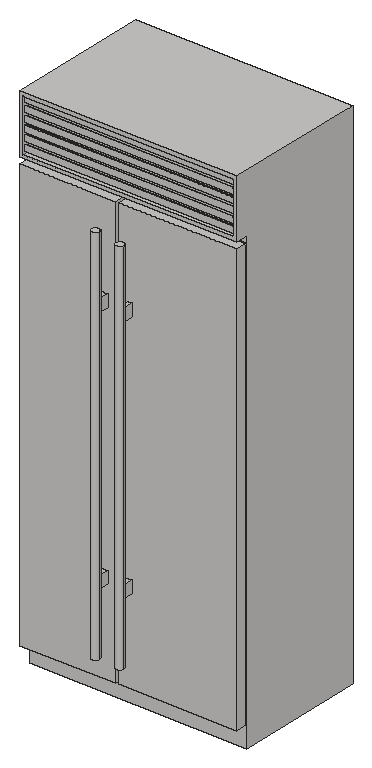
Revit family "M_Refrigerador-duas portas", category Equipamento especial, Revit 2019
Family settings
  Cota do conector redondo = Utilizar diâmetro
  Tipo de parte = Normal
  Número OmniClass = 23.40.40.14
  Título OmniClass = Food Service Equipment
  Com base no plano de trabalho = Não
  Sempre na vertical = Sim
  Corte com vazios quando carregada = Não
  Compartilhado = Não
  Ponto de cálculo do ambiente = Não
Parameters (values of type "Congelador na lateral esquerda – 900 mm")
  Largura da porta direita = Largura - Localização da porta - 5 mm  # 490 mm
  Largura da porta esquerda = Localização da porta - 5 mm  # 400 mm
  Largura = 900 mm
  Deslocamento de parede = 100 mm
  Voltagem = 120 V
  Mostrar legenda = yes
  Consumo de energia = 1000 VA
  Legenda = "Refrigerador"
  Altura = 2150 mm
  Junta = Eletrodoméstico – Junta
  Localização da porta = 405 mm
  Descrição = "Refrigerador com duas portas"
  Linear = 600 mm
  Código de montagem = "E1090320"
  Acabamento do eletrodoméstico = Eletrodoméstico – Aço inoxidável
  Amperagem = Consumo de energia / Voltagem  # 8.33333 A
Reference planes
  plane 1 "Parte posterior": y = 0
  plane 2: z = 0
  plane 3 "Centro (Esquerda/Direita)": x = 0
  plane 4 "Esquerda": x = -450
  plane 5 "Direita": x = 450
  plane 6: y = -100
  plane 7 "Parte frontal": y = -700
  plane 8 "Traseira da porta": y = -649.2
  plane 9 "Superior": z = 2150
  plane 10 "Porta B.O.": z = 88.9
  plane 11: z = 1905.525
  plane 12: x = -95.8
  plane 13: z = 1778.525
  plane 14: z = 190.5
  plane 15: x = 5.8
  plane 16: x = -45
Forms (mm)
  Extrusion 1, solid, material "Eletrodoméstico – Aço inoxidável" <- "Acabamento do eletrodoméstico"
    sketch origin (0, 0, 0) x (1, 0, 0) y (0, 1, 0)
      loop
        line (-450, -100) -> (-450, -649.2) -> (450, -649.2) -> (450, -100) -> (-450, -100)
    from 0 to 2150
  Extrusion 2, solid, material "Eletrodoméstico – Aço inoxidável" <- "Acabamento do eletrodoméstico"
    sketch origin (0, -700, 0) x (-1, 0, 0) y (0, 0, 1)
      loop
        line (450, 2150) -> (-450, 2150) -> (-450, 1905.525) -> (450, 1905.525) -> (450, 2150)
      loop
        line (437.3, 2137.3) -> (-437.3, 2137.3) -> (-437.3, 1918.225) -> (437.3, 1918.225) -> (437.3, 2137.3)
    from 0 to 50.8
  Extrusion 3, solid, material "Eletrodoméstico – Aço inoxidável" <- "Acabamento do eletrodoméstico"
    sketch origin (0, 0, 0) x (0, 1, 0) y (0, 0, 1)
      loop
        line (-649.2, 1921.627) -> (-693.65, 1933.537) -> (-693.65, 1956.386) -> (-696.825, 1956.386) -> (-696.825, 1930.986) -> (-649.2, 1918.225) -> (-649.2, 1921.627)
      loop
        line (-649.2, 1957.809) -> (-693.65, 1969.72) -> (-693.65, 1992.569) -> (-696.825, 1992.569) -> (-696.825, 1967.169) -> (-649.2, 1954.408) -> (-649.2, 1957.809)
      loop
        line (-649.2, 1993.992) -> (-693.65, 2005.902) -> (-693.65, 2028.752) -> (-696.825, 2028.752) -> (-696.825, 2003.352) -> (-649.2, 1990.591) -> (-649.2, 1993.992)
      loop
        line (-649.2, 2030.175) -> (-693.65, 2042.085) -> (-693.65, 2064.934) -> (-696.825, 2064.934) -> (-696.825, 2039.534) -> (-649.2, 2026.773) -> (-649.2, 2030.175)
      loop
        line (-649.2, 2066.358) -> (-693.65, 2078.268) -> (-693.65, 2101.117) -> (-696.825, 2101.117) -> (-696.825, 2075.717) -> (-649.2, 2062.956) -> (-649.2, 2066.358)
      loop
        line (-649.2, 2102.54) -> (-693.65, 2114.451) -> (-693.65, 2137.3) -> (-696.825, 2137.3) -> (-696.825, 2111.9) -> (-649.2, 2099.139) -> (-649.2, 2102.54)
    from -437.3 to 437.3
  Extrusion 4, solid, material "Eletrodoméstico – Aço inoxidável" <- "Acabamento do eletrodoméstico", detail levels fine
    sketch origin (0, -700, 0) x (-1, 0, 0) y (0, 0, 1)
      loop
        line (105.325, 1524.525) -> (86.275, 1524.525) -> (86.275, 1473.725) -> (105.325, 1473.725) -> (105.325, 1524.525)
      loop
        line (105.325, 495.3) -> (86.275, 495.3) -> (86.275, 444.5) -> (105.325, 444.5) -> (105.325, 495.3)
    from -42.559 to 0
  Extrusion 5, solid, material "Eletrodoméstico – Aço inoxidável" <- "Acabamento do eletrodoméstico", detail levels fine
    sketch origin (0, 0, 0) x (1, 0, 0) y (0, 1, 0)
      loop
        circle (-95.8, -751.174) r 15.875
    from 190.5 to 1778.525
  Extrusion 6, solid, material "Eletrodoméstico – Aço inoxidável" <- "Acabamento do eletrodoméstico", detail levels fine
    sketch origin (63.5, -700, 0) x (-1, 0, 0) y (0, 0, 1)
      loop
        line (67.225, 1524.525) -> (48.175, 1524.525) -> (48.175, 1473.725) -> (67.225, 1473.725) -> (67.225, 1524.525)
      loop
        line (67.225, 495.3) -> (48.175, 495.3) -> (48.175, 444.5) -> (67.225, 444.5) -> (67.225, 495.3)
    from -42.559 to 0
  Extrusion 7, solid, material "Eletrodoméstico – Aço inoxidável" <- "Acabamento do eletrodoméstico", detail levels fine
    sketch origin (63.5, 0, 0) x (1, 0, 0) y (0, 1, 0)
      loop
        circle (-57.7, -751.174) r 15.875
    from 190.5 to 1762.125
  Extrusion 8, solid, material "Eletrodoméstico – Aço inoxidável" <- "Acabamento do eletrodoméstico"
    sketch origin (0, -700, 0) x (-1, 0, 0) y (0, 0, 1)
      loop
        line (450, 1880.125) -> (51.35, 1880.125) -> (51.35, 88.9) -> (450, 88.9) -> (450, 1880.125)
      loop
        line (38.65, 88.9) -> (38.65, 1880.125) -> (-450, 1880.125) -> (-450, 88.9) -> (38.65, 88.9)
    from 0 to 44.45
  Sweep 9, solid, material "Eletrodoméstico – Junta" <- "Junta", detail levels fine
    path in 3D
      loop
        line (-450, -700, 1880.125) -> (-450, -700, 88.9) -> (-51.35, -700, 88.9) -> (-51.35, -700, 1880.125) -> (-450, -700, 1880.125)
    profile origin (-250.675, -700, 1880.125) x (0, -1, 0) y (0, 0, 1)
      loop
        line (-50.8, -3.175) -> (-50.8, -6.35) -> (-44.45, -6.35) -> (-44.45, -3.175)
        arc (-44.45, -3.175) -> (-47.625, 0) -> (-50.8, -3.175) r 3.175
  Sweep 10, solid, material "Eletrodoméstico – Junta" <- "Junta", detail levels fine
    path in 3D
      loop
        line (-38.65, -700, 1880.125) -> (-38.65, -700, 88.9) -> (450, -700, 88.9) -> (450, -700, 1880.125) -> (-38.65, -700, 1880.125)
    profile origin (205.675, -700, 1880.125) x (0, -1, 0) y (0, 0, 1)
      loop
        line (-50.8, -3.175) -> (-50.8, -6.35) -> (-44.45, -6.35) -> (-44.45, -3.175)
        arc (-44.45, -3.175) -> (-47.625, 0) -> (-50.8, -3.175) r 3.175
Cuts and joins
  joined: Extrusion 1, Extrusion 2
  joined: Extrusion 4, Extrusion 5
  joined: Extrusion 6, Extrusion 7
Lines and regions (mm)
  Split face 1
    outline origin (-450, -100, 0) x (1, 0, 0) y (0, 0, -1)
      loop
        circle (747.6, -1997.6) r 50.8
  Split face 2
    outline origin (-450, -100, 0) x (1, 0, 0) y (0, 0, -1)
      loop
        circle (450, -88.9) r 50.8
  Masking region 1
    outline origin (0, 0, 0) x (1, 0, 0) y (0, 1, 0)
      loop
        line (-450, -100) -> (-450, -700) -> (450, -700) -> (450, -100) -> (-450, -100)
  Masking region 2, detail levels fine
    outline origin (0, 0, 0) x (1, 0, 0) y (0, 1, 0)
      loop
        line (15.325, -738.474) -> (15.325, -700) -> (-3.725, -700) -> (-3.725, -738.474)
        arc (-3.725, -738.474) -> (-8.399, -744.075) -> (-10.075, -751.174) r 15.875
        arc (-10.075, -751.174) -> (5.8, -767.049) -> (21.675, -751.174) r 15.875
        arc (21.675, -751.174) -> (19.999, -744.075) -> (15.325, -738.474) r 15.875
      loop
        line (-86.275, -738.474) -> (-86.275, -700) -> (-105.325, -700) -> (-105.325, -738.474)
        arc (-105.325, -738.474) -> (-109.999, -744.075) -> (-111.675, -751.174) r 15.875
        arc (-111.675, -751.174) -> (-95.8, -767.049) -> (-79.925, -751.174) r 15.875
        arc (-79.925, -751.174) -> (-81.601, -744.075) -> (-86.275, -738.474) r 15.875
  symbolic lines, style "Eletrodomésticos – Giro da planta", detail levels medium+fine
    curve 1: arc (-51.35, -700, 0) -> (-168.507, -982.843, 0) -> (-451.35, -1100, 0) r 400
    curve 2: line (-451.35, -700, 0) -> (-451.35, -1100, 0)
    curve 3: arc (-38.65, -700, 0) -> (104.868, -1046.482, 0) -> (451.35, -1190, 0) r 490
    curve 4: line (451.35, -1190, 0) -> (451.35, -700, 0)
  sketch lines
    curve 5: line (-51.35, -700, 1880.125) -> (-450, -700, 1880.125)
    curve 6: line (-450, -700, 1880.125) -> (-450, -700, 88.9)
    curve 7: line (-450, -700, 88.9) -> (-51.35, -700, 88.9)
    curve 8: line (-51.35, -700, 88.9) -> (-51.35, -700, 1880.125)
    curve 9: line (450, -700, 1880.125) -> (-38.65, -700, 1880.125)
    curve 10: line (450, -700, 88.9) -> (450, -700, 1880.125)
    curve 11: line (-38.65, -700, 88.9) -> (450, -700, 88.9)
    curve 12: line (-38.65, -700, 1880.125) -> (-38.65, -700, 88.9)
  symbolic lines, style "Eletrodomésticos"
    curve 13: line (-451.35, -100, 0) -> (451.35, -100, 0)
    curve 14: line (-451.35, -700, 0) -> (-451.35, -100, 0)
    curve 15: line (451.35, -700, 0) -> (-451.35, -700, 0)
    curve 16: line (451.35, -100, 0) -> (451.35, -700, 0)
    curve 17: line (-451.35, -649.2, 0) -> (451.35, -649.2, 0)
  symbolic lines, style "Eletrodomésticos", detail levels medium+fine
    curve 18: line (-38.65, -700, 0) -> (-38.65, -649.2, 0)
    curve 19: line (-51.35, -700, 0) -> (-51.35, -649.2, 0)
  symbolic lines, style "Eletrodomésticos", detail levels fine
    curve 20: line (-105.325, -700, 0) -> (-105.325, -738.474, 0)
    curve 21: line (-86.275, -738.474, 0) -> (-86.275, -700, 0)
    curve 22: line (-3.725, -700, 0) -> (-3.725, -738.474, 0)
    curve 23: line (15.325, -738.474, 0) -> (15.325, -700, 0)
    curve 24: arc (-79.925, -751.174, 0) -> (-95.8, -735.299, 0) -> (-111.675, -751.174, 0) r 15.875
    curve 25: arc (-111.675, -751.174, 0) -> (-95.8, -767.049, 0) -> (-79.925, -751.174, 0) r 15.875
    curve 26: arc (21.675, -751.174, 0) -> (5.8, -735.299, 0) -> (-10.075, -751.174, 0) r 15.875
    curve 27: arc (-10.075, -751.174, 0) -> (5.8, -767.049, 0) -> (21.675, -751.174, 0) r 15.875
Dimensions and locks
  equal spacing: plane 4 "Esquerda", plane 3 "Centro (Esquerda/Direita)", plane 5 "Direita"
  "Largura": plane 4 "Esquerda" to plane 5 "Direita"
  "Linear": plane 6 to plane 7 "Parte frontal"
  "Deslocamento de parede": plane 1 "Parte posterior" to plane 6
  "Altura": plane 9 "Superior" to level
  plane 10 "Porta B.O." to level = 88.9 mm
  locked: plane 8 "Traseira da porta" to plane 7 "Parte frontal" at 50.8
  locked: plane 9 "Superior" to plane 11 at 244.475
  locked: cut or joined group of Extrusion 1, Extrusion 2 to plane 4 "Esquerda" at 12.7
  locked: plane 5 "Direita" to cut or joined group of Extrusion 1, Extrusion 2 at 12.7
  locked: plane 11 to plane 13 at 127
  locked: plane 14 to plane 10 "Porta B.O." at 101.6
  Extrusion 4 sketch curve to plane 12 to Extrusion 4 sketch curve = 9.525 mm locked, 9.525 mm locked  (x2)
  plane 13 to Extrusion 4 sketch curve to Extrusion 4 sketch curve = 254 mm locked, 50.8 mm locked
  Extrusion 4 sketch curve to Extrusion 4 sketch curve to plane 14 = 50.8 mm locked, 254 mm locked
  locked: plane 7 "Parte frontal" to Extrusion 5 sketch curve at 51.174
  Extrusion 6 sketch curve to plane 15 to Extrusion 6 sketch curve = 9.525 mm locked, 9.525 mm locked  (x2)
  locked: Extrusion 6 sketch curve to Extrusion 6 sketch curve at 50.8  (x2)
  plane 12 to plane 16 to plane 15 = 50.8 mm locked, 50.8 mm locked
  "Localização da porta": plane 4 "Esquerda" to plane 16
  locked: Split face 1 sketch curve to plane 9 "Superior" at 152.4
  locked: plane 5 "Direita" to Split face 1 sketch curve at 152.4
  locked: plane 11 to Extrusion 8 sketch curve at 25.4  (x2)
  Extrusion 8 sketch curve to plane 16 to Extrusion 8 sketch curve = 6.35 mm locked, 6.35 mm locked
  locked: plane 8 "Traseira da porta" to Extrusion 8 at 6.35
  locked: Sweep 9 sketch curve to Sweep 9 sketch curve at 6.35
  locked: plane 11 to Sweep 9 sketch curve at 31.75
  locked: plane 11 to Sweep 10 sketch curve at 31.75
  curve 19 to plane 16 to curve 18 = 6.35 mm locked, 6.35 mm locked
  equal spacing: plane 6, nested 1, plane 8 "Traseira da porta"
  "Largura da porta direita": radius of curve 3
  "Largura da porta esquerda": radius of curve 1
  aligned and locked: plane 2 to level
  aligned and locked: Extrusion 1 sketch curve to plane 6
  aligned and locked: plane 4 "Esquerda" to Extrusion 1 sketch curve
  aligned and locked: plane 8 "Traseira da porta" to Extrusion 1 sketch curve
  aligned and locked: Extrusion 1 sketch curve to plane 5 "Direita"
  aligned and locked: plane 9 "Superior" to Extrusion 1
  aligned and locked: Extrusion 2 sketch curve to Extrusion 1  (x2)
  aligned and locked: plane 11 to Extrusion 2 sketch curve
  aligned and locked: Extrusion 2 sketch curve to plane 5 "Direita"
  aligned and locked: plane 8 "Traseira da porta" to Extrusion 2
  aligned and locked: Extrusion 3 to Extrusion 2  (x2)
  aligned and locked: plane 7 "Parte frontal" to Extrusion 4
  aligned and locked: plane 12 to Extrusion 5 sketch curve
  aligned and locked: Extrusion 5 to plane 14
  aligned and locked: plane 13 to Extrusion 5
  aligned and locked: plane 15 to Extrusion 7 sketch curve
  aligned and locked: plane 3 "Centro (Esquerda/Direita)" to Split face 2 sketch curve
  aligned and locked: plane 10 "Porta B.O." to Split face 2 sketch curve
  aligned and locked: plane 10 "Porta B.O." to Extrusion 8 sketch curve
  aligned and locked: Extrusion 8 sketch curve to plane 10 "Porta B.O."
  aligned and locked: plane 5 "Direita" to Extrusion 8 sketch curve
  aligned and locked: plane 4 "Esquerda" to Extrusion 8 sketch curve
  aligned and locked: curve 17 to Sweep 9
  aligned and locked: plane 3 "Centro (Esquerda/Direita)" to nested 1
  aligned and locked: Masking region 1 sketch curve to plane 6
  aligned and locked: plane 4 "Esquerda" to Masking region 1 sketch curve
  aligned and locked: plane 7 "Parte frontal" to Masking region 1 sketch curve
  aligned and locked: Masking region 1 sketch curve to plane 5 "Direita"
  aligned and locked: Masking region 2 sketch curve to cut or joined group of Extrusion 6, Extrusion 7  (x6)
  aligned and locked: Masking region 2 sketch curve to cut or joined group of Extrusion 4, Extrusion 5  (x6)
  aligned and locked: curve 20 to cut or joined group of Extrusion 4, Extrusion 5
  aligned and locked: curve 21 to cut or joined group of Extrusion 4, Extrusion 5
  aligned and locked: curve 22 to cut or joined group of Extrusion 6, Extrusion 7
  aligned and locked: curve 23 to cut or joined group of Extrusion 6, Extrusion 7
  aligned and locked: curve 24 to cut or joined group of Extrusion 4, Extrusion 5
  aligned and locked: curve 25 to cut or joined group of Extrusion 4, Extrusion 5
  aligned and locked: curve 26 to cut or joined group of Extrusion 6, Extrusion 7
  aligned and locked: curve 27 to cut or joined group of Extrusion 6, Extrusion 7
Automatic sketch dimensions
  Extrusion 2 sketch curve to plane 5 "Direita" = 12.7 mm
  plane 4 "Esquerda" to Extrusion 2 sketch curve = 12.7 mm
  plane 11 to Extrusion 2 sketch curve = 12.7 mm
  Extrusion 2 sketch curve to plane 9 "Superior" = 12.7 mm
  Extrusion 3 sketch curve to plane 8 "Traseira da porta" = 0 mm  (x6)
  plane 7 "Parte frontal" to Extrusion 3 sketch curve = 6.35 mm  (x6)
  plane 7 "Parte frontal" to Extrusion 3 sketch curve = 3.175 mm  (x6)
  plane 11 to Extrusion 3 sketch curve = 12.7 mm
  Extrusion 3 sketch curve to Extrusion 3 sketch curve = 3.402 mm  (x6)
  plane 11 to Extrusion 3 sketch curve = 25.461 mm
  Extrusion 3 sketch curve to Extrusion 3 sketch curve = 2.551 mm  (x6)
  Extrusion 3 sketch curve to Extrusion 3 sketch curve = 32.781 mm  (x5)
  Extrusion 3 sketch curve to Extrusion 3 sketch curve = 22.849 mm  (x5)
  Extrusion 3 sketch curve to Extrusion 3 sketch curve = 10.783 mm  (x5)
  Extrusion 3 sketch curve to plane 9 "Superior" = 12.7 mm
  plane 14 to Extrusion 6 sketch curve = 254 mm
  Extrusion 6 sketch curve to plane 13 = 304.8 mm
  Extrusion 7 sketch curve to plane 7 "Parte frontal" = 51.174 mm
  profile plane to Sweep 9 sketch curve = 50.8 mm
  Sweep 9 sketch curve to Sweep 9 sketch curve = 3.175 mm
  profile plane to Sweep 10 sketch curve = 50.8 mm
  Sweep 10 sketch curve to Sweep 10 sketch curve = 3.175 mm
  Sweep 10 sketch curve to profile plane = 3.175 mm
  curve 18 to plane 7 "Parte frontal" = 0 mm
  curve 19 to plane 7 "Parte frontal" = 0 mm
  curve 4 to plane 7 "Parte frontal" = 0 mm
  curve 13 to plane 6 = 0 mm
  radius of Extrusion 5 sketch curve = 15.875 mm
  radius of Extrusion 7 sketch curve = 15.875 mm
  radius of Split face 1 sketch curve = 50.8 mm
  radius of Split face 2 sketch curve = 50.8 mm
Nested families
  nested 1: "Anotação de legenda de 2,5" at (0, -374.6, 0), visible <- "Mostrar legenda", type "Anotação de legenda de 2,5"
Connectors
  electrical at (297.6, -100, 1997.6), driven by "Voltagem", driven by "Consumo de energia"
    settings: on Extrusion 1, index 1, voltage 120 V, apparent load 1000 VA, apparent load phase1 0 VA, apparent load phase2 0 VA, apparent load phase3 0 VA, power factor 1, load classification "Eletrodoméstico", number of poles 1, system type 30, power factor state 1, is connector primary yes, connector utility no, sub classification motor no, connector description "Potência do refrigerador"
  piping at (0, -100, 88.9), diameter 6.35
    settings: on Extrusion 1, index 2, connector inside diameter 609.6 mm, connector length 0 mm, flow factor 0, pipe flow 0.0 L/s, pressure drop 0.0 Pa, fitting loss kfactor 0, connector angle 0.00°, fixture units 1, engagement length 0 mm, angle of deflection 0.00°, flow configuration 3, flow direction 1, fitting loss method 0, system type 20, joint type 0, gender type 0, connector reference index -1, connector utility 0, adjustable connector no, is connector primary yes, connector description "Gelo – Suprimento de água"
Definition of nested family "Anotação de legenda de 2,5"
  Parameters
    Legenda = "Congelador 36 LH"
  Reference planes
    plane 1: y = 0
    plane 2: x = 0
  Text (mm)
    label "Legenda" at (0.095, -0.088, 0), shows "Legenda"
Types in the file's own list only (5): name | Largura da porta direita | Largura da porta esquerda | Largura | Mostrar legenda | Altura | Localização da porta | Amperagem
  Congelador na lateral direita – 900 mm | 395 mm | 495 mm | 900 mm | Sim | 2100 mm | 500 mm | 8.3 A
  Congelador na lateral esquerda – 1100 mm | 595 mm | 495 mm | 1100 mm | Sim | 2100 mm | 500 mm | 8.3 A
  Congelador na lateral direita – 1100 mm | 545 mm | 545 mm | 1100 mm | Sim | 2100 mm | 550 mm | 8.3 A
  Congelador na lateral esquerda – 1200 mm | 695 mm | 495 mm | 1200 mm | Sim | 2100 mm | 500 mm | 8.3 A
  Congelador na lateral direita – 1200 mm | 495 mm | 695 mm | 1200 mm | Sim | 2100 mm | 700 mm | 8.3 A
